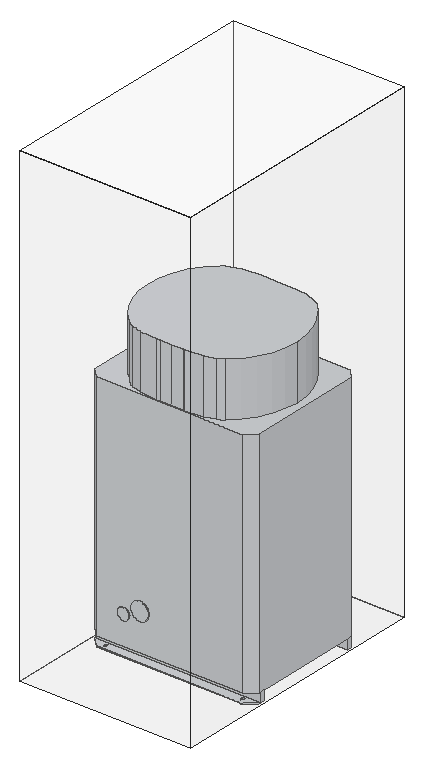
Revit family "pury-p224_1000(s)dmg9_60Hz", category 機械設備, Revit 2019 (continued)
Definition of nested family "筐体モジュール（R2標準）"
  Lines and regions (mm)
    symbolic lines, visible <- "ユニット234X"
      curve 309: arc (64.372, -363.142, 0) -> (71.906, -363.425, 0) -> (79.445, -363.367, 0) r 167.153
      curve 310: arc (79.445, -363.367, 0) -> (128.058, -361, 0) -> (176.163, -353.601, 0) r 468.429
      curve 311: arc (176.163, -353.601, 0) -> (204.68, -346.28, 0) -> (232.369, -336.274, 0) r 308.609
      curve 312: arc (232.369, -336.274, 0) -> (250.84, -327.278, 0) -> (268.081, -316.106, 0) r 168.924
      curve 313: arc (268.081, -316.106, 0) -> (376.101, -174.18, 0) -> (414.476, 0, 0) r 414.476
      curve 314: arc (414.476, 0, 0) -> (376.101, 174.18, 0) -> (268.082, 316.106, 0) r 414.476
      curve 315: arc (268.082, 316.106, 0) -> (250.84, 327.278, 0) -> (232.369, 336.274, 0) r 168.924
      curve 316: arc (232.369, 336.274, 0) -> (204.68, 346.28, 0) -> (176.163, 353.601, 0) r 308.609
      curve 317: arc (176.163, 353.601, 0) -> (128.058, 361, 0) -> (79.445, 363.367, 0) r 468.429
      curve 318: line (79.445, 363.367, 0) -> (0, 363.367, 0)
      curve 319: line (0, 363.367, 0) -> (-79.445, 363.367, 0)
      curve 320: arc (-79.445, 363.367, 0) -> (-128.058, 361, 0) -> (-176.163, 353.601, 0) r 468.429
      curve 321: arc (-176.163, 353.601, 0) -> (-204.68, 346.28, 0) -> (-232.369, 336.274, 0) r 308.609
      curve 322: arc (-232.369, 336.274, 0) -> (-250.974, 327.516, 0) -> (-268.081, 316.106, 0) r 138.853
      curve 323: line (-460, 318.843, 0) -> (-460, -318.843, 0)
      curve 324: line (-408.343, 370, 0) -> (-460, 318.843, 0)
      curve 325: line (408.343, 370, 0) -> (-408.343, 370, 0)
      curve 326: line (460, 318.843, 0) -> (408.343, 370, 0)
      curve 327: line (460, -318.843, 0) -> (460, 318.843, 0)
      curve 328: line (408.343, -370, 0) -> (460, -318.843, 0)
      curve 329: line (-408.343, -370, 0) -> (408.343, -370, 0)
      curve 330: line (-460, -318.843, 0) -> (-408.343, -370, 0)
  Dimensions and locks
    "Depth": plane 4 to plane 6
    equal spacing: plane 4, plane 1 "中心(正面/背面)", plane 6
    "W": plane 7 to plane 5
    equal spacing: plane 7, plane 3 "中心(左/右)", plane 5
    locked: plane 12 "本体下部" to plane 2 at 54
    plane 4 to plane 10 to plane 11 to plane 15 to plane 14 to plane 13 = 57 mm locked, 20 mm locked, 586 mm locked, 20 mm locked, 57 mm locked
    locked: plane 13 to plane 16 at 29.5
    locked: plane 4 to plane 19 at 29.5
    "冷媒液_Z": plane 20 "電源高さ" to level
    plane 9 to plane 8 = 303 mm
    plane 8 to plane 2 = 1347 mm
    "Height": plane 9 to plane 2
    "冷媒管径_Z": level to plane 24 "冷媒管高さ"
    locked: plane 7 to plane 17 at 80
    locked: plane 18 to plane 5 at 80
    locked: plane 12 "本体下部" to plane 25 "冷媒操作弁ガス芯4" at 1
    plane 19 to plane 10 to plane 11 = 27.5 mm, 20 mm
    plane 8 to level = 1347 mm
    equal spacing: plane 26, plane 3 "中心(左/右)", plane 27
    "Width": plane 26 to plane 27
    "冷媒ガス_X": plane 22 "冷媒操作弁液芯1" to plane 23 "冷媒操作弁ガス芯1"
    "冷媒液_X": plane 26 to plane 22 "冷媒操作弁液芯1"
    plane 16 to plane 14 to plane 15 = 27.5 mm, 20 mm
    "冷媒液_Y": plane 4 to plane 29
    "冷媒ガス_Y": plane 4 to plane 28
    "冷媒管径_X": plane 26 to plane 21
    "冷媒ガス_Z": plane 30 to level
    "冷媒管径_Y": plane 4 to plane 31
    "冷媒ガス管径": diameter of Extrusion 9 sketch curve
    "冷媒液管径": diameter of Extrusion 8 sketch curve
    "冷媒管径": diameter of Extrusion 7 sketch curve
    aligned and locked: plane 5 to Extrusion 1
    aligned and locked: Extrusion 1 to plane 7
    aligned and locked: Extrusion 1 to plane 6
    aligned and locked: plane 4 to Extrusion 1
    aligned and locked: curve 103 to plane 7
    aligned and locked: curve 3 to plane 5
    aligned and locked: plane 11 to Extrusion 2 sketch curve
    aligned and locked: plane 7 to Extrusion 2 sketch curve
    aligned and locked: Extrusion 2 sketch curve to plane 10
    aligned and locked: Extrusion 2 sketch curve to plane 5
    aligned and locked: plane 13 to Extrusion 4
    aligned and locked: Extrusion 4 to plane 14
    aligned and locked: Extrusion 1 to plane 12 "本体下部"
    aligned and locked: plane 12 "本体下部" to Extrusion 1  (x2)
    aligned and locked: plane 8 to Extrusion 1
    aligned and locked: Extrusion 4 sketch curve to Extrusion 1  (x2)
    aligned and locked: plane 4 to Extrusion 5
    aligned and locked: plane 10 to Extrusion 2
    aligned and locked: plane 3 "中心(左/右)" to Extrusion 6 sketch curve
    aligned and locked: plane 12 "本体下部" to Extrusion 7
    aligned and locked: Extrusion 8 to plane 25 "冷媒操作弁ガス芯4"
    aligned and locked: plane 12 "本体下部" to Extrusion 8
    aligned and locked: plane 12 "本体下部" to Extrusion 9
    aligned and locked: Extrusion 8 to Extrusion 9
    aligned and locked: Extrusion 8 to Extrusion 7
    aligned and locked: plane 23 "冷媒操作弁ガス芯1" to Extrusion 9 sketch curve
    aligned and locked: plane 21 to Extrusion 7 sketch curve
    aligned and locked: plane 22 "冷媒操作弁液芯1" to Extrusion 8 sketch curve
    aligned and locked: plane 28 to Extrusion 9 sketch curve
    aligned and locked: plane 29 to Extrusion 8 sketch curve
    aligned and locked: plane 31 to Extrusion 7 sketch curve
    aligned and locked: plane 17 to nested 1
    aligned and locked: plane 16 to nested 1
    aligned and locked: nested 1 to plane 18
    aligned and locked: nested 1 to plane 19
    aligned and locked: curve 301 to Extrusion 6
    aligned and locked: curve 302 to Extrusion 6
    aligned and locked: curve 303 to Extrusion 6
    aligned and locked: curve 304 to Extrusion 6
    aligned and locked: curve 305 to Extrusion 6
    aligned and locked: curve 306 to Extrusion 6
    aligned and locked: curve 307 to Extrusion 6
    aligned and locked: curve 308 to Extrusion 6
    aligned and locked: curve 309 to Extrusion 6
    aligned and locked: curve 310 to Extrusion 6
    aligned and locked: curve 311 to Extrusion 6
    aligned and locked: curve 312 to Extrusion 6
    aligned and locked: curve 313 to Extrusion 6
    aligned and locked: curve 314 to Extrusion 6
    aligned and locked: curve 315 to Extrusion 6
    aligned and locked: curve 316 to Extrusion 6
    aligned and locked: curve 317 to Extrusion 6
    aligned and locked: curve 318 to Extrusion 6
    aligned and locked: curve 319 to Extrusion 6
    aligned and locked: curve 320 to Extrusion 6
    aligned and locked: curve 321 to Extrusion 6
    aligned and locked: curve 322 to Extrusion 6
    aligned and locked: curve 323 to Extrusion 1
    aligned and locked: curve 324 to Extrusion 1
    aligned and locked: curve 325 to Extrusion 1
    aligned and locked: curve 326 to Extrusion 1
    aligned and locked: curve 327 to Extrusion 1
    aligned and locked: curve 328 to Extrusion 1
    aligned and locked: curve 329 to Extrusion 1
    aligned and locked: curve 330 to Extrusion 1
    aligned and locked: Masking region 1 sketch curve to curve 324
    aligned and locked: Masking region 1 sketch curve to curve 323
    aligned and locked: Masking region 1 sketch curve to curve 330
    aligned and locked: Masking region 1 sketch curve to curve 329
    aligned and locked: Masking region 1 sketch curve to curve 328
    aligned and locked: Masking region 1 sketch curve to curve 327
    aligned and locked: Masking region 1 sketch curve to curve 326
    aligned and locked: Masking region 1 sketch curve to curve 325
  Automatic sketch dimensions
    Extrusion 1 sketch curve to plane 7 = 0 mm
    plane 6 to Extrusion 1 sketch curve = 0 mm
    plane 4 to Extrusion 1 sketch curve = 0 mm
    Extrusion 1 sketch curve to plane 5 = 0 mm
    plane 10 to Extrusion 1 sketch curve = 5.843 mm  (x2)
    plane 14 to Extrusion 1 sketch curve = 5.843 mm  (x2)
    Extrusion 3 sketch curve to plane 7 = 0 mm
    Extrusion 3 sketch curve to plane 5 = 0 mm
    Extrusion 3 sketch curve to plane 14 = 0 mm
    Extrusion 3 sketch curve to plane 15 = 0 mm
    Extrusion 4 sketch curve to plane 7 = 0 mm
    plane 6 to Extrusion 4 sketch curve = 0 mm
    Extrusion 4 sketch curve to plane 17 = 0 mm
    Extrusion 4 sketch curve to plane 18 = 0 mm
    Extrusion 4 sketch curve to plane 5 = 0 mm
    Extrusion 4 sketch curve to plane 14 = 0 mm
    Extrusion 4 sketch curve to plane 16 = 3 mm  (x2)
    plane 17 to Extrusion 4 sketch curve = 7 mm
    Extrusion 4 sketch curve to plane 18 = 7 mm
    plane 16 to Extrusion 4 sketch curve = 3 mm  (x2)
    Extrusion 5 sketch curve to plane 7 = 0 mm
    plane 4 to Extrusion 5 sketch curve = 0 mm
    Extrusion 5 sketch curve to plane 17 = 0 mm
    Extrusion 5 sketch curve to plane 18 = 0 mm
    Extrusion 5 sketch curve to plane 5 = 0 mm
    plane 10 to Extrusion 5 sketch curve = 0 mm
    plane 19 to Extrusion 5 sketch curve = 3 mm  (x2)
    Extrusion 5 sketch curve to plane 17 = 7 mm
    plane 18 to Extrusion 5 sketch curve = 7 mm
    Extrusion 5 sketch curve to plane 19 = 3 mm  (x2)
    plane 10 to Extrusion 5 sketch curve = 5.843 mm  (x2)
    Extrusion 1 sketch curve to plane 17 = 28.343 mm  (x2)
    Extrusion 5 sketch curve to plane 17 = 28.343 mm
    Extrusion 1 sketch curve to plane 18 = 28.343 mm  (x2)
    Extrusion 5 sketch curve to plane 18 = 28.343 mm
    Extrusion 6 sketch curve to Extrusion 6 sketch curve = 0 mm  (x3)
    plane 1 "中心(正面/背面)" to Extrusion 6 sketch curve = 0 mm  (x2)
    Extrusion 6 sketch curve to plane 3 "中心(左/右)" = 0 mm  (x3)
    Extrusion 6 sketch curve to plane 4 = 6.858 mm
    Extrusion 6 sketch curve to plane 3 "中心(左/右)" = 64.372 mm
    Extrusion 6 sketch curve to plane 3 "中心(左/右)" = 74.399 mm
    plane 6 to Extrusion 6 sketch curve = 6.633 mm
    Extrusion 6 sketch curve to plane 3 "中心(左/右)" = 79.445 mm
    Extrusion 6 sketch curve to plane 3 "中心(左/右)" = 80.998 mm  (x2)
    Extrusion 6 sketch curve to Extrusion 6 sketch curve = 64.372 mm
    plane 3 "中心(左/右)" to Extrusion 6 sketch curve = 74.399 mm
    Extrusion 6 sketch curve to Extrusion 6 sketch curve = 79.445 mm
    plane 3 "中心(左/右)" to Extrusion 6 sketch curve = 80.998 mm  (x2)
    Extrusion 6 sketch curve to Extrusion 6 sketch curve = 32.763 mm  (x4)
    Extrusion 6 sketch curve to Extrusion 6 sketch curve = 86.775 mm
    Extrusion 6 sketch curve to Extrusion 6 sketch curve = 93.374 mm  (x2)
    Extrusion 6 sketch curve to Extrusion 6 sketch curve = 91.232 mm  (x2)
    plane 1 "中心(正面/背面)" to Extrusion 6 sketch curve = 51.367 mm  (x2)
    Extrusion 6 sketch curve to plane 1 "中心(正面/背面)" = 51.367 mm  (x2)
    Extrusion 6 sketch curve to Extrusion 6 sketch curve = 53.692 mm  (x2)
    Extrusion 6 sketch curve to Extrusion 6 sketch curve = 75.129 mm
    Extrusion 6 sketch curve to Extrusion 6 sketch curve = 101.551 mm
    Extrusion 6 sketch curve to plane 4 = 6.633 mm  (x2)
    Extrusion 6 sketch curve to plane 19 = 4.226 mm  (x2)
    Extrusion 6 sketch curve to plane 16 = 4.226 mm  (x2)
    plane 14 to Extrusion 6 sketch curve = 3.106 mm
    plane 16 to Extrusion 6 sketch curve = 13.101 mm  (x2)
    plane 19 to Extrusion 6 sketch curve = 13.101 mm  (x2)
    plane 10 to Extrusion 6 sketch curve = 3.106 mm
    Extrusion 6 sketch curve to Extrusion 6 sketch curve = 101.697 mm
    Extrusion 6 sketch curve to Extrusion 6 sketch curve = 16.103 mm  (x2)
    Extrusion 6 sketch curve to plane 11 = 96.709 mm
    curve 307 to plane 3 "中心(左/右)" = 0 mm
    curve 319 to plane 3 "中心(左/右)" = 0 mm
  Nested families
    nested 1: "固定点" at (-380, -340.5, 0), visible <- "ユニット234X", type "固定点"
      with W 760 mm, D 681 mm
  Definition of nested family "固定点"
    Parameters (values of type "固定点")
      中心円 = 20 mm
      W [instance] = 1000 mm
      D [instance] = 1000 mm
    Reference planes
      plane 1 "中心(正面/背面)": y = 0
      plane 2: z = 0
      plane 3 "中心(左/右)": x = 0
      plane 4: x = 1000
      plane 5: y = 1000
    Lines and regions (mm)
      symbolic lines, detail levels fine
        curve 1: circle (0, 1000, 0) r 10 normal (0, 0, 1)
        curve 2: circle (0, 0, 0) r 10 normal (0, 0, 1)
        curve 3: circle (1000, 1000, 0) r 10 normal (0, 0, 1)
        curve 4: circle (1000, 0, 0) r 10 normal (0, 0, 1)
        curve 5: line (-200, 1000, 0) -> (1200, 1000, 0)
        curve 6: line (-200, 0, 0) -> (1200, 0, 0)
        curve 7: line (0, 1200, 0) -> (0, -200, 0)
        curve 8: line (1000, 1200, 0) -> (1000, -200, 0)
    Dimensions and locks
      "W": plane 3 "中心(左/右)" to plane 4
      "D": plane 1 "中心(正面/背面)" to plane 5
      "中心円": diameter of curve 1
      "中心円": diameter of curve 2
      "中心円": diameter of curve 3
      "中心円": diameter of curve 4
      aligned and locked: level to plane 2
      aligned and locked: plane 5 to curve 1
      aligned and locked: plane 3 "中心(左/右)" to curve 1
      aligned and locked: plane 3 "中心(左/右)" to curve 2
      aligned and locked: plane 1 "中心(正面/背面)" to curve 2
      aligned and locked: plane 4 to curve 3
      aligned and locked: plane 5 to curve 3
      aligned and locked: plane 1 "中心(正面/背面)" to curve 4
      aligned and locked: plane 4 to curve 4
      aligned and locked: plane 1 "中心(正面/背面)" to curve 6
      aligned and locked: curve 7 to plane 3 "中心(左/右)"
      aligned and locked: curve 8 to plane 4
    Automatic sketch dimensions
      curve 5 to plane 5 = 0 mm
      curve 6 to plane 3 "中心(左/右)" = 200 mm
      curve 5 to plane 3 "中心(左/右)" = 200 mm
      curve 4 to curve 6 = 200 mm
      curve 3 to curve 5 = 200 mm
      plane 1 "中心(正面/背面)" to curve 8 = 200 mm
      plane 1 "中心(正面/背面)" to curve 7 = 200 mm
      curve 3 to curve 8 = 200 mm
      curve 1 to curve 7 = 200 mm
Definition of nested family "outline"
  Parameters (values of type "outline_S")
    ユニット4X [instance] = and(ユニット2, Width = 1750 mm)  # no
    ユニット2 [instance] = yes
    Width [instance] = 920 mm
    W = 920 mm
    Height [instance] = 1650 mm
    Depth [instance] = 740 mm
  Types (3, lengths in mm): name | ユニット4X | Width | W
    outline_S | no | 920 | 920
    outline_XL | yes | 1750 | 1750
    outline_L | no | 1220 | 1220
  Reference planes
    plane 1 "中心(正面/背面)": y = 0
    plane 2: z = 0
    plane 3 "中心(左/右)": x = 0
    plane 4: y = -370
    plane 5: y = 370
    plane 6: x = -460
    plane 7: z = 1347
    plane 8: z = 1650
    plane 9 "本体下部": z = 54
    plane 10: y = 370
    plane 11 "電源高さ": z = 262
    plane 12 "冷媒管高さ": z = 262
    plane 13 "冷媒操作弁ガス芯4": z = 53
    plane 14: x = 460
    plane 15: x = -875
    plane 16: x = 875
    plane 17: z = 262
  Forms (mm)
    Extrusion 1, solid, visible <- "ユニット2", detail levels coarse+medium
      sketch origin (0, 0, 0) x (1, 0, 0) y (0, 1, 0)
        loop
          line (-460, 370) -> (-460, -370) -> (460, -370) -> (460, 370) -> (-460, 370)
      from 0 to 1650
  Lines and regions (mm)
    model lines, visible <- "ユニット4X", not visible, detail levels fine
      curve 1: line (460, 178.667, 1289.179) -> (460, 297.73, 1289.179)
      curve 2: line (460, 178.667, 1056.056) -> (460, 178.667, 1289.179)
      curve 3: line (460, 297.73, 1056.056) -> (460, 178.667, 1056.056)
      curve 4: line (460, 297.73, 1289.179) -> (460, 297.73, 1056.056)
      curve 5: line (460, 47.598, 1289.179) -> (460, 166.661, 1289.179)
      curve 6: line (460, 47.598, 1056.056) -> (460, 47.598, 1289.179)
      curve 7: line (460, 166.661, 1056.056) -> (460, 47.598, 1056.056)
      curve 8: line (460, 166.661, 1289.179) -> (460, 166.661, 1056.056)
      curve 9: line (460, -83.471, 1289.179) -> (460, 35.592, 1289.179)
      curve 10: line (460, -83.471, 1056.056) -> (460, -83.471, 1289.179)
      curve 11: line (460, 35.592, 1056.056) -> (460, -83.471, 1056.056)
      curve 12: line (460, 35.592, 1289.179) -> (460, 35.592, 1056.056)
      curve 13: line (460, -150.779, 1289.179) -> (460, -95.75, 1289.179)
      curve 14: line (460, -150.779, 1056.056) -> (460, -150.779, 1289.179)
      curve 15: line (460, -95.75, 1056.056) -> (460, -150.779, 1056.056)
      curve 16: line (460, -95.75, 1289.179) -> (460, -95.75, 1056.056)
      curve 17: line (460, -150.779, 1283.175) -> (460, -132.596, 1283.175)
      curve 18: line (460, -150.779, 1062.059) -> (460, -150.779, 1283.175)
      curve 19: line (460, -132.596, 1062.059) -> (460, -150.779, 1062.059)
      curve 20: line (460, -132.596, 1283.175) -> (460, -132.596, 1062.059)
      curve 21: line (460, 178.667, 1046.051) -> (460, 297.73, 1046.051)
      curve 22: line (460, 178.667, 812.928) -> (460, 178.667, 1046.051)
      curve 23: line (460, 297.73, 812.928) -> (460, 178.667, 812.928)
      curve 24: line (460, 297.73, 1046.051) -> (460, 297.73, 812.928)
      curve 25: line (460, 47.598, 1046.051) -> (460, 166.661, 1046.051)
      curve 26: line (460, 47.598, 812.928) -> (460, 47.598, 1046.051)
      curve 27: line (460, 166.661, 812.928) -> (460, 47.598, 812.928)
      curve 28: line (460, 166.661, 1046.051) -> (460, 166.661, 812.928)
      curve 29: line (460, -83.471, 1046.051) -> (460, 35.592, 1046.051)
      curve 30: line (460, -83.471, 812.928) -> (460, -83.471, 1046.051)
      curve 31: line (460, 35.592, 812.928) -> (460, -83.471, 812.928)
      curve 32: line (460, 35.592, 1046.051) -> (460, 35.592, 812.928)
      curve 33: line (460, -150.779, 1046.051) -> (460, -95.75, 1046.051)
      curve 34: line (460, -150.779, 812.928) -> (460, -150.779, 1046.051)
      curve 35: line (460, -95.75, 812.928) -> (460, -150.779, 812.928)
      curve 36: line (460, -95.75, 1046.051) -> (460, -95.75, 812.928)
      curve 37: line (460, -150.779, 1040.048) -> (460, -132.596, 1040.048)
      curve 38: line (460, -150.779, 818.931) -> (460, -150.779, 1040.048)
      curve 39: line (460, -132.596, 818.931) -> (460, -150.779, 818.931)
      curve 40: line (460, -132.596, 1040.048) -> (460, -132.596, 818.931)
      curve 41: line (460, 178.667, 802.923) -> (460, 297.73, 802.923)
      curve 42: line (460, 178.667, 569.8) -> (460, 178.667, 802.923)
      curve 43: line (460, 297.73, 569.8) -> (460, 178.667, 569.8)
      curve 44: line (460, 297.73, 802.923) -> (460, 297.73, 569.8)
      curve 45: line (460, 47.598, 802.923) -> (460, 166.661, 802.923)
      curve 46: line (460, 47.598, 569.8) -> (460, 47.598, 802.923)
      curve 47: line (460, 166.661, 569.8) -> (460, 47.598, 569.8)
      curve 48: line (460, 166.661, 802.923) -> (460, 166.661, 569.8)
      curve 49: line (460, -83.471, 802.923) -> (460, 35.592, 802.923)
      curve 50: line (460, -83.471, 569.8) -> (460, -83.471, 802.923)
      curve 51: line (460, 35.592, 569.8) -> (460, -83.471, 569.8)
      curve 52: line (460, 35.592, 802.923) -> (460, 35.592, 569.8)
      curve 53: line (460, -150.779, 802.923) -> (460, -95.75, 802.923)
      curve 54: line (460, -150.779, 569.8) -> (460, -150.779, 802.923)
      curve 55: line (460, -95.75, 569.8) -> (460, -150.779, 569.8)
      curve 56: line (460, -95.75, 802.923) -> (460, -95.75, 569.8)
      curve 57: line (460, -150.779, 796.92) -> (460, -132.596, 796.92)
      curve 58: line (460, -150.779, 575.803) -> (460, -150.779, 796.92)
      curve 59: line (460, -132.596, 575.803) -> (460, -150.779, 575.803)
      curve 60: line (460, -132.596, 796.92) -> (460, -132.596, 575.803)
      curve 61: line (460, 178.667, 559.795) -> (460, 297.73, 559.795)
      curve 62: line (460, 178.667, 326.672) -> (460, 178.667, 559.795)
      curve 63: line (460, 297.73, 326.672) -> (460, 178.667, 326.672)
      curve 64: line (460, 297.73, 559.795) -> (460, 297.73, 326.672)
      curve 65: line (460, 47.598, 559.795) -> (460, 166.661, 559.795)
      curve 66: line (460, 47.598, 326.672) -> (460, 47.598, 559.795)
      curve 67: line (460, 166.661, 326.672) -> (460, 47.598, 326.672)
      curve 68: line (460, 166.661, 559.795) -> (460, 166.661, 326.672)
      curve 69: line (460, -83.471, 559.795) -> (460, 35.592, 559.795)
      curve 70: line (460, -83.471, 326.672) -> (460, -83.471, 559.795)
      curve 71: line (460, 35.592, 326.672) -> (460, -83.471, 326.672)
      curve 72: line (460, 35.592, 559.795) -> (460, 35.592, 326.672)
      curve 73: line (460, -150.779, 559.795) -> (460, -95.75, 559.795)
      curve 74: line (460, -150.779, 326.672) -> (460, -150.779, 559.795)
      curve 75: line (460, -95.75, 326.672) -> (460, -150.779, 326.672)
      curve 76: line (460, -95.75, 559.795) -> (460, -95.75, 326.672)
      curve 77: line (460, -150.779, 553.792) -> (460, -132.596, 553.792)
      curve 78: line (460, -150.779, 332.675) -> (460, -150.779, 553.792)
      curve 79: line (460, -132.596, 332.675) -> (460, -150.779, 332.675)
      curve 80: line (460, -132.596, 553.792) -> (460, -132.596, 332.675)
      curve 81: line (460, 178.667, 316.667) -> (460, 297.73, 316.667)
      curve 82: line (460, 178.667, 83.544) -> (460, 178.667, 316.667)
      curve 83: line (460, 297.73, 83.544) -> (460, 178.667, 83.544)
      curve 84: line (460, 297.73, 316.667) -> (460, 297.73, 83.544)
      curve 85: line (460, 47.598, 316.667) -> (460, 166.661, 316.667)
      curve 86: line (460, 47.598, 83.544) -> (460, 47.598, 316.667)
      curve 87: line (460, 166.661, 83.544) -> (460, 47.598, 83.544)
      curve 88: line (460, 166.661, 316.667) -> (460, 166.661, 83.544)
      curve 89: line (460, -83.471, 316.667) -> (460, 35.592, 316.667)
      curve 90: line (460, -83.471, 83.544) -> (460, -83.471, 316.667)
      curve 91: line (460, 35.592, 83.544) -> (460, -83.471, 83.544)
      curve 92: line (460, 35.592, 316.667) -> (460, 35.592, 83.544)
      curve 93: line (460, -150.779, 316.667) -> (460, -95.75, 316.667)
      curve 94: line (460, -150.779, 83.544) -> (460, -150.779, 316.667)
      curve 95: line (460, -95.75, 83.544) -> (460, -150.779, 83.544)
      curve 96: line (460, -95.75, 316.667) -> (460, -95.75, 83.544)
      curve 97: line (460, -150.779, 310.664) -> (460, -132.596, 310.664)
      curve 98: line (460, -150.779, 89.547) -> (460, -150.779, 310.664)
      curve 99: line (460, -132.596, 89.547) -> (460, -150.779, 89.547)
      curve 100: line (460, -132.596, 310.664) -> (460, -132.596, 89.547)
  Dimensions and locks
    "Depth": plane 4 to plane 5
    equal spacing: plane 4, plane 1 "中心(正面/背面)", plane 5
    "W": plane 6 to plane 14
    locked: plane 9 "本体下部" to plane 2 at 54
    plane 4 to plane 10 = 740 mm
    plane 11 "電源高さ" to level = 262 mm
    plane 8 to plane 7 = 303 mm
    plane 7 to plane 2 = 1347 mm
    "Height": plane 8 to plane 2
    level to plane 12 "冷媒管高さ" = 262 mm
    locked: plane 9 "本体下部" to plane 13 "冷媒操作弁ガス芯4" at 1
    equal spacing: plane 6, plane 3 "中心(左/右)", plane 14
    plane 17 to level = 262 mm
  Automatic sketch dimensions
    plane 4 to Extrusion 1 sketch curve = 0 mm
    Extrusion 1 sketch curve to plane 6 = 0 mm
    Extrusion 1 sketch curve to plane 14 = 0 mm
    plane 5 to Extrusion 1 sketch curve = 0 mm
Types (30, lengths in mm): name | 風量（m3／min） | 風量 | 音響パワーレベル(dB) | 電源位置2X（ユニット3） | 電源位置2X（ユニット2） | 電源位置2X（ユニット1） | 電源位置1X（ユニット3） | 電源位置1X（ユニット2） | 電源位置1X（ユニット1） | 電動機出力_送風機 | 電動機出力_圧縮機 | 質量 | 製品質量 | 消費電力_暖房 | 消費電力_冷房 | 消費電力 | 最小電線太さ_mm2 | 最大電流値 | 暖房能力 | 推奨ブレーカー容量 | 冷房能力 | 冷媒管（液）位置1 (ユニット3） | 冷媒管（ガス）位置2 (ユニット3) | 冷媒管（ガス）位置2 (ユニット2) | 冷媒管（液）位置1 (ユニット1) | 冷媒管（ガス）位置2 (ユニット1) | 冷媒管（液）位置1 (ユニット2） | 冷媒管径符号 | 冷媒管位置2 (ユニット3) | 冷媒管位置2 (ユニット2) | 冷媒管位置1 (ユニット2) | 冷媒管位置2 (ユニット1) | 冷媒管位置1 (ユニット3) | 冷媒管位置1 (ユニット1) | 冷媒液管径3 | 冷媒液管径2 | 冷媒液管径 | 冷媒ガス管径3 | 冷媒ガス管径2 | 冷媒ガス管径 | ユニット隙間 | ユニット数 | ユニットタイプ3 | ユニットタイプ2 | ユニットタイプ1 | ユニット2 | モデル | サービススペース_タイプA | アンカーボルト位置X（ユニット3） | アンカーボルト位置X（ユニット2） | アンカーボルト位置X（ユニット1） | Width3 | Width2 | Width1 | Width | URL | OUTLINE2 | OUTLINE1 | MAX風量 | Clearance Right | Clearance Left | Clearance Back
  PURY-P224DMG9_タイプA | 185 | 11100.0 m³/h | 81.5 | 177 | 177 | 177 | 201 | 201 | 201 | 0.92 kW | 4.71 kW | 242.40 kg | 202.00 kg | 6.51 kW | 6.49 kW | 6.51 kW | 8 | 28.4 A | 25 kW | 40 A | 22.4 kW | 251 | 146 | 146 | 251 | 146 | 251 | "De" | 146 | 146 | 292.5 | 146 | 292.5 | 292.5 | 15.88 | 15.88 | 15.88 | 19.05 | 19.05 | 19.05 | 30 | 1 | 筐体モジュール（R2標準） : 224筐体 | 筐体モジュール（R2標準） : 224筐体 | 筐体モジュール（R2標準） : 224筐体 | no | "PURY-P224DMG9" | yes | 760 | 760 | 760 | 920 | 920 | 920 | 920 | "https://www.mitsubishielectric.co.jp/ldg/wink/ssl/displayProduct.do?pid=332014" | outline : outline_S | outline : outline_S | 11100.0 m³/h | 15 | 15 | 300
  PURY-P280DMG9_タイプA | 185 | 11100.0 m³/h | 81.5 | 177 | 177 | 177 | 201 | 201 | 201 | 0.92 kW | 7.29 kW | 242.40 kg | 202.00 kg | 9.26 kW | 9.65 kW | 9.65 kW | 14 | 42.3 A | 31.5 kW | 50 A | 28 kW | 251 | 146 | 146 | 251 | 146 | 251 | "Ef" | 146 | 146 | 292.5 | 146 | 292.5 | 292.5 | 19.05 | 19.05 | 19.05 | 22.20 | 22.20 | 22.20 | 30 | 1 | 筐体モジュール（R2標準） : 280筐体 | 筐体モジュール（R2標準） : 280筐体 | 筐体モジュール（R2標準） : 280筐体 | no | "PURY-P280DMG9" | yes | 760 | 760 | 760 | 920 | 920 | 920 | 920 | "https://www.mitsubishielectric.co.jp/ldg/wink/ssl/displayProduct.do?pid=332019" | outline : outline_S | outline : outline_S | 11100.0 m³/h | 15 | 15 | 300
  PURY-P335DMG9_タイプA | 230 | 13800.0 m³/h | 85 | 227 | 227 | 227 | 251 | 251 | 251 | 0.92 kW | 8.86 kW | 300.00 kg | 250.00 kg | 10.5 kW | 11.3 kW | 11.3 kW | 22 | 49.7 A | 37.5 kW | 60 A | 33.5 kW | 301 | 146 | 146 | 301 | 146 | 301 | "Ef" | 146 | 146 | 342.5 | 146 | 342.5 | 342.5 | 19.05 | 19.05 | 19.05 | 22.20 | 22.20 | 22.20 | 30 | 1 | 筐体モジュール（R2標準） : 335筐体 | 筐体モジュール（R2標準） : 335筐体 | 筐体モジュール（R2標準） : 335筐体 | no | "PURY-P335DMG9" | yes | 1060 | 1060 | 1060 | 1220 | 1220 | 1220 | 1220 | "https://www.mitsubishielectric.co.jp/ldg/wink/ssl/displayProduct.do?pid=332022" | outline : outline_L | outline : outline_L | 13800.0 m³/h | 15 | 15 | 300
  PURY-P400DMG9_タイプA | 230 | 13800.0 m³/h | 85.5 | 227 | 227 | 227 | 251 | 251 | 251 | 0.92 kW | 11.5 kW | 300.00 kg | 250.00 kg | 12.8 kW | 14.4 kW | 14.4 kW | 22 | 59.5 A | 45 kW | 60 A | 40 kW | 301 | 146 | 146 | 301 | 146 | 301 | "Eg" | 146 | 146 | 342.5 | 146 | 342.5 | 342.5 | 19.05 | 19.05 | 19.05 | 25.40 | 25.40 | 25.40 | 30 | 1 | 筐体モジュール（R2標準） : 400筐体 | 筐体モジュール（R2標準） : 400筐体 | 筐体モジュール（R2標準） : 400筐体 | no | "PURY-P400DMG9" | yes | 1060 | 1060 | 1060 | 1220 | 1220 | 1220 | 1220 | "https://www.mitsubishielectric.co.jp/ldg/wink/ssl/displayProduct.do?pid=332025" | outline : outline_L | outline : outline_L | 13800.0 m³/h | 15 | 15 | 300
  PURY-P450DMG9_タイプA | 320 | 19200.0 m³/h | 85.5 | 516 | 516 | 516 | 541 | 541 | 541 | 1.84 kW | 11.8 kW | 386.40 kg | 322.00 kg | 14.1 kW | 15.8 kW | 15.8 kW | 38 | 69.3 A | 50 kW | 75 A | 45 kW | 590 | 145 | 145 | 590 | 145 | 590 | "Fh" | 145.5 | 145.5 | 631.5 | 145.5 | 631.5 | 631.5 | 22.20 | 22.20 | 22.20 | 28.58 | 28.58 | 28.58 | 30 | 1 | 筐体モジュール.（R2標準） : 450筐体 | 筐体モジュール.（R2標準） : 450筐体 | 筐体モジュール.（R2標準） : 450筐体 | no | "PURY-P450DMG9" | yes | 795 | 795 | 795 | 1750 | 1750 | 1750 | 1750 | "https://www.mitsubishielectric.co.jp/ldg/wink/ssl/displayProduct.do?pid=332028" | outline : outline_XL | outline : outline_XL | 19200.0 m³/h | 15 | 15 | 300
  PURY-P500DMG9_タイプA | 320 | 19200.0 m³/h | 85.5 | 516 | 516 | 516 | 541 | 541 | 541 | 1.84 kW | 15.1 kW | 392.40 kg | 327.00 kg | 17.5 kW | 19.6 kW | 19.6 kW | 38 | 73.7 A | 56 kW | 75 A | 50 kW | 590 | 145 | 145 | 590 | 145 | 590 | "Fh" | 145.5 | 145.5 | 631.5 | 145.5 | 631.5 | 631.5 | 22.20 | 22.20 | 22.20 | 28.58 | 28.58 | 28.58 | 30 | 1 | 筐体モジュール.（R2標準） : 500筐体 | 筐体モジュール.（R2標準） : 500筐体 | 筐体モジュール.（R2標準） : 500筐体 | no | "PURY-P500DMG9" | yes | 795 | 795 | 795 | 1750 | 1750 | 1750 | 1750 | "https://www.mitsubishielectric.co.jp/ldg/wink/ssl/displayProduct.do?pid=332031" | outline : outline_XL | outline : outline_XL | 19200.0 m³/h | 15 | 15 | 300
  PURY-P560SDMG9_タイプA | 370 | 22200.0 m³/h | 84.5 | 177 | 177 | 177 | 201 | 201 | 201 | 1.84 kW | 14.58 kW | 499.20 kg | 416.00 kg | 18.5 kW | 19.9 kW | 19.9 kW | 38 | 81.8 A | 63 kW | 100 A | 56 kW | 251 | 146 | 146 | 251 | 83 | 251 | "Fh" | 146 | 146 | 292.5 | 146 | 292.5 | 292.5 | 19.05 | 19.05 | 19.05 | 22.20 | 22.20 | 22.20 | 30 | 2 | 筐体モジュール.（R2標準） : 500筐体 | 筐体モジュール（R2標準） : 280筐体 | 筐体モジュール（R2標準） : 280筐体 | yes | "PURY-P560SDMG9" | yes | 760 | 760 | 760 | 920 | 920 | 920 | 1870 | "https://www.mitsubishielectric.co.jp/ldg/wink/ssl/displayProduct.do?pid=332034" | outline : outline_S | outline : outline_S | 22200.0 m³/h | 15 | 15 | 300
  PURY-P630SDMG9_タイプA | 415 | 24900.0 m³/h | 86.5 | 227 | 177 | 227 | 251 | 201 | 251 | 1.84 kW | 16.15 kW | 549.60 kg | 458.00 kg | 19.8 kW | 22.2 kW | 22.2 kW | 38 | 83.8 A | 69 kW | 100 A | 63 kW | 301 | 146 | 146 | 301 | 83 | 251 | "Gh" | 146 | 146 | 292.5 | 146 | 342.5 | 342.5 | 19.05 | 19.05 | 19.05 | 22.20 | 22.20 | 22.20 | 30 | 2 | 筐体モジュール.（R2標準） : 500筐体 | 筐体モジュール（R2標準） : 280筐体 | 筐体モジュール（R2標準） : 335筐体 | yes | "PURY-P630SDMG9" | yes | 1060 | 1060 | 760 | 1220 | 920 | 1220 | 2170 | "https://www.mitsubishielectric.co.jp/ldg/wink/ssl/displayProduct.do?pid=332037" | outline : outline_S | outline : outline_L | 24900.0 m³/h | 15 | 15 | 300
  PURY-P670SDMG9_タイプA | 460 | 27600.0 m³/h | 88 | 227 | 227 | 227 | 251 | 251 | 251 | 1.84 kW | 17.72 kW | 600.00 kg | 500.00 kg | 21.6 kW | 23.4 kW | 23.4 kW | 60 | 95.3 A | 77.5 kW | 100 A | 67 kW | 301 | 146 | 146 | 301 | 83 | 301 | "Gh" | 146 | 146 | 342.5 | 146 | 342.5 | 342.5 | 19.05 | 19.05 | 19.05 | 22.20 | 22.20 | 22.20 | 30 | 2 | 筐体モジュール.（R2標準） : 500筐体 | 筐体モジュール（R2標準） : 335筐体 | 筐体モジュール（R2標準） : 335筐体 | yes | "PURY-P670SDMG9" | yes | 1060 | 1060 | 1060 | 1220 | 1220 | 1220 | 2470 | "https://www.mitsubishielectric.co.jp/ldg/wink/ssl/displayProduct.do?pid=332017" | outline : outline_L | outline : outline_L | 27600.0 m³/h | 15 | 15 | 300
  PURY-P730SDMG9_タイプA | 460 | 27600.0 m³/h | 88.5 | 227 | 227 | 227 | 251 | 251 | 251 | 1.84 kW | 20.36 kW | 600.00 kg | 500.00 kg | 23.3 kW | 26.3 kW | 26.3 kW | 60 | 99.5 A | 82.5 kW | 100 A | 73 kW | 301 | 146 | 146 | 301 | 83 | 301 | "Gh" | 146 | 146 | 342.5 | 146 | 342.5 | 342.5 | 19.05 | 19.05 | 19.05 | 25.40 | 22.20 | 25.40 | 30 | 2 | 筐体モジュール.（R2標準） : 500筐体 | 筐体モジュール（R2標準） : 335筐体 | 筐体モジュール（R2標準） : 400筐体 | yes | "PURY-P730SDMG9" | yes | 1060 | 1060 | 1060 | 1220 | 1220 | 1220 | 2470 | "https://www.mitsubishielectric.co.jp/ldg/wink/ssl/displayProduct.do?pid=332039" | outline : outline_L | outline : outline_L | 27600.0 m³/h | 15 | 15 | 300
  PURY-P775SDMG9_タイプA | 460 | 27600.0 m³/h | 88.5 | 227 | 227 | 227 | 251 | 251 | 251 | 1.84 kW | 23 kW | 600.00 kg | 500.00 kg | 25.6 kW | 28.9 kW | 28.9 kW | 60 | 113.9 A | 90 kW | 125 A | 77.5 kW | 301 | 146 | 146 | 301 | 83 | 301 | "Hi" | 146 | 146 | 342.5 | 146 | 342.5 | 342.5 | 19.05 | 19.05 | 19.05 | 25.40 | 25.40 | 25.40 | 30 | 2 | 筐体モジュール.（R2標準） : 500筐体 | 筐体モジュール（R2標準） : 400筐体 | 筐体モジュール（R2標準） : 400筐体 | yes | "PURY-P775SDMG9" | yes | 1060 | 1060 | 1060 | 1220 | 1220 | 1220 | 2470 | "https://www.mitsubishielectric.co.jp/ldg/wink/ssl/displayProduct.do?pid=332042" | outline : outline_L | outline : outline_L | 27600.0 m³/h | 15 | 15 | 300
  PURY-P850SDMG9_タイプA | 550 | 33000.0 m³/h | 88.5 | 516 | 227 | 516 | 541 | 251 | 541 | 2.76 kW | 23.3 kW | 686.40 kg | 572.00 kg | 26.9 kW | 31.2 kW | 31.2 kW | 60 | 113 A | 95 kW | 125 A | 85 kW | 590 | 145 | 145 | 590 | 83 | 301 | "Hi" | 145.5 | 145.5 | 342.5 | 145.5 | 631.5 | 631.5 | 22.20 | 19.05 | 22.20 | 28.58 | 25.40 | 28.58 | 30 | 2 | 筐体モジュール.（R2標準） : 500筐体 | 筐体モジュール（R2標準） : 400筐体 | 筐体モジュール.（R2標準） : 450筐体 | yes | "PURY-P850SDMG9" | yes | 795 | 795 | 1060 | 1750 | 1220 | 1750 | 3000 | "https://www.mitsubishielectric.co.jp/ldg/wink/ssl/displayProduct.do?pid=332045" | outline : outline_L | outline : outline_XL | 33000.0 m³/h | 15 | 15 | 300
  PURY-P900SDMG9_タイプA | 640 | 38400.0 m³/h | 88.5 | 516 | 516 | 516 | 541 | 541 | 541 | 3.68 kW | 23.6 kW | 772.80 kg | 644.00 kg | 28.1 kW | 32.7 kW | 32.7 kW | 100 | 138.9 A | 100 kW | 150 A | 90 kW | 590 | 145 | 145 | 590 | 83 | 590 | "Hi" | 145.5 | 145.5 | 631.5 | 145.5 | 631.5 | 631.5 | 22.20 | 22.20 | 22.20 | 28.58 | 28.58 | 28.58 | 30 | 2 | 筐体モジュール.（R2標準） : 500筐体 | 筐体モジュール.（R2標準） : 450筐体 | 筐体モジュール.（R2標準） : 450筐体 | yes | "PURY-P900SDMG9" | yes | 795 | 795 | 795 | 1750 | 1750 | 1750 | 3530 | "https://www.mitsubishielectric.co.jp/ldg/wink/ssl/displayProduct.do?pid=332048" | outline : outline_XL | outline : outline_XL | 38400.0 m³/h | 15 | 15 | 300
  PURY-P950SDMG9_タイプA | 640 | 38400.0 m³/h | 88.5 | 516 | 516 | 516 | 541 | 541 | 541 | 3.68 kW | 26.9 kW | 778.80 kg | 649.00 kg | 31.4 kW | 36.3 kW | 36.3 kW | 100 | 147.3 A | 106 kW | 150 A | 95 kW | 590 | 145 | 145 | 590 | 83 | 590 | "Hk" | 145.5 | 145.5 | 631.5 | 145.5 | 631.5 | 631.5 | 22.20 | 22.20 | 22.20 | 28.58 | 28.58 | 28.58 | 30 | 2 | 筐体モジュール.（R2標準） : 500筐体 | 筐体モジュール.（R2標準） : 450筐体 | 筐体モジュール.（R2標準） : 500筐体 | yes | "PURY-P950SDMG9" | yes | 795 | 795 | 795 | 1750 | 1750 | 1750 | 3530 | "https://www.mitsubishielectric.co.jp/ldg/wink/ssl/displayProduct.do?pid=332051" | outline : outline_XL | outline : outline_XL | 38400.0 m³/h | 15 | 15 | 300
  PURY-P1000SDMG9_タイプA | 640 | 38400.0 m³/h | 88.5 | 516 | 516 | 516 | 541 | 541 | 541 | 3.68 kW | 30.2 kW | 784.80 kg | 654.00 kg | 34.9 kW | 40.4 kW | 40.4 kW | 100 | 147.4 A | 112 kW | 150 A | 100 kW | 590 | 145 | 145 | 590 | 83 | 590 | "Hk" | 145.5 | 145.5 | 631.5 | 145.5 | 631.5 | 631.5 | 22.20 | 22.20 | 22.20 | 28.58 | 28.58 | 28.58 | 30 | 2 | 筐体モジュール.（R2標準） : 500筐体 | 筐体モジュール.（R2標準） : 500筐体 | 筐体モジュール.（R2標準） : 500筐体 | yes | "PURY-P1000SDMG9" | yes | 795 | 795 | 795 | 1750 | 1750 | 1750 | 3530 | "https://www.mitsubishielectric.co.jp/ldg/wink/ssl/displayProduct.do?pid=332054" | outline : outline_XL | outline : outline_XL | 38400.0 m³/h | 15 | 15 | 300
  PURY-P1000SDMG9_タイプB | 640 | 38400.0 m³/h | 88.5 | 516 | 516 | 516 | 541 | 541 | 541 | 3.68 kW | 30.2 kW | 784.80 kg | 654.00 kg | 34.9 kW | 40.4 kW | 40.4 kW | 100 | 147.4 A | 112 kW | 150 A | 100 kW | 590 | 145 | 145 | 590 | 83 | 590 | "Hk" | 145.5 | 145.5 | 631.5 | 145.5 | 631.5 | 631.5 | 22.20 | 22.20 | 22.20 | 28.58 | 28.58 | 28.58 | 100 | 2 | 筐体モジュール.（R2標準） : 500筐体 | 筐体モジュール.（R2標準） : 500筐体 | 筐体モジュール.（R2標準） : 500筐体 | yes | "PURY-P1000SDMG9" | no | 795 | 795 | 795 | 1750 | 1750 | 1750 | 3600 | "https://www.mitsubishielectric.co.jp/ldg/wink/ssl/displayProduct.do?pid=332054" | outline : outline_XL | outline : outline_XL | 38400.0 m³/h | 50 | 50 | 100
  PURY-P224DMG9_タイプB | 185 | 11100.0 m³/h | 81.5 | 177 | 177 | 177 | 201 | 201 | 201 | 0.92 kW | 4.71 kW | 242.40 kg | 202.00 kg | 6.51 kW | 6.49 kW | 6.51 kW | 8 | 28.4 A | 25 kW | 40 A | 22.4 kW | 251 | 146 | 146 | 251 | 146 | 251 | "De" | 146 | 146 | 292.5 | 146 | 292.5 | 292.5 | 15.88 | 15.88 | 15.88 | 19.05 | 19.05 | 19.05 | 100 | 1 | 筐体モジュール（R2標準） : 224筐体 | 筐体モジュール（R2標準） : 224筐体 | 筐体モジュール（R2標準） : 224筐体 | no | "PURY-P224DMG9" | no | 760 | 760 | 760 | 920 | 920 | 920 | 920 | "https://www.mitsubishielectric.co.jp/ldg/wink/ssl/displayProduct.do?pid=332014" | outline : outline_S | outline : outline_S | 11100.0 m³/h | 50 | 50 | 100
  PURY-P280DMG9_タイプB | 185 | 11100.0 m³/h | 81.5 | 177 | 177 | 177 | 201 | 201 | 201 | 0.92 kW | 7.29 kW | 242.40 kg | 202.00 kg | 9.26 kW | 9.65 kW | 9.65 kW | 14 | 42.3 A | 31.5 kW | 50 A | 28 kW | 251 | 146 | 146 | 251 | 146 | 251 | "Ef" | 146 | 146 | 292.5 | 146 | 292.5 | 292.5 | 19.05 | 19.05 | 19.05 | 22.20 | 22.20 | 22.20 | 100 | 1 | 筐体モジュール（R2標準） : 280筐体 | 筐体モジュール（R2標準） : 280筐体 | 筐体モジュール（R2標準） : 280筐体 | no | "PURY-P280DMG9" | no | 760 | 760 | 760 | 920 | 920 | 920 | 920 | "https://www.mitsubishielectric.co.jp/ldg/wink/ssl/displayProduct.do?pid=332019" | outline : outline_S | outline : outline_S | 11100.0 m³/h | 50 | 50 | 100
  PURY-P335DMG9_タイプB | 230 | 13800.0 m³/h | 85 | 227 | 227 | 227 | 251 | 251 | 251 | 0.92 kW | 8.86 kW | 300.00 kg | 250.00 kg | 10.5 kW | 11.3 kW | 11.3 kW | 22 | 49.7 A | 37.5 kW | 60 A | 33.5 kW | 301 | 146 | 146 | 301 | 146 | 301 | "Ef" | 146 | 146 | 342.5 | 146 | 342.5 | 342.5 | 19.05 | 19.05 | 19.05 | 22.20 | 22.20 | 22.20 | 100 | 1 | 筐体モジュール（R2標準） : 335筐体 | 筐体モジュール（R2標準） : 335筐体 | 筐体モジュール（R2標準） : 335筐体 | no | "PURY-P335DMG9" | no | 1060 | 1060 | 1060 | 1220 | 1220 | 1220 | 1220 | "https://www.mitsubishielectric.co.jp/ldg/wink/ssl/displayProduct.do?pid=332022" | outline : outline_L | outline : outline_L | 13800.0 m³/h | 50 | 50 | 100
  PURY-P400DMG9_タイプB | 230 | 13800.0 m³/h | 85.5 | 227 | 227 | 227 | 251 | 251 | 251 | 0.92 kW | 11.5 kW | 300.00 kg | 250.00 kg | 12.8 kW | 14.4 kW | 14.4 kW | 22 | 59.5 A | 45 kW | 60 A | 40 kW | 301 | 146 | 146 | 301 | 146 | 301 | "Eg" | 146 | 146 | 342.5 | 146 | 342.5 | 342.5 | 19.05 | 19.05 | 19.05 | 25.40 | 25.40 | 25.40 | 100 | 1 | 筐体モジュール（R2標準） : 400筐体 | 筐体モジュール（R2標準） : 400筐体 | 筐体モジュール（R2標準） : 400筐体 | no | "PURY-P400DMG9" | no | 1060 | 1060 | 1060 | 1220 | 1220 | 1220 | 1220 | "https://www.mitsubishielectric.co.jp/ldg/wink/ssl/displayProduct.do?pid=332025" | outline : outline_L | outline : outline_L | 13800.0 m³/h | 50 | 50 | 100
  PURY-P450DMG9_タイプB | 320 | 19200.0 m³/h | 85.5 | 516 | 516 | 516 | 541 | 541 | 541 | 1.84 kW | 11.8 kW | 386.40 kg | 322.00 kg | 14.1 kW | 15.8 kW | 15.8 kW | 38 | 69.3 A | 50 kW | 75 A | 45 kW | 590 | 145 | 145 | 590 | 145 | 590 | "Fh" | 145.5 | 145.5 | 631.5 | 145.5 | 631.5 | 631.5 | 22.20 | 22.20 | 22.20 | 28.58 | 28.58 | 28.58 | 100 | 1 | 筐体モジュール.（R2標準） : 450筐体 | 筐体モジュール.（R2標準） : 450筐体 | 筐体モジュール.（R2標準） : 450筐体 | no | "PURY-P450DMG9" | no | 795 | 795 | 795 | 1750 | 1750 | 1750 | 1750 | "https://www.mitsubishielectric.co.jp/ldg/wink/ssl/displayProduct.do?pid=332028" | outline : outline_XL | outline : outline_XL | 19200.0 m³/h | 50 | 50 | 100
  PURY-P500DMG9_タイプB | 320 | 19200.0 m³/h | 85.5 | 516 | 516 | 516 | 541 | 541 | 541 | 1.84 kW | 15.1 kW | 392.40 kg | 327.00 kg | 17.5 kW | 19.6 kW | 19.6 kW | 38 | 73.7 A | 56 kW | 75 A | 50 kW | 590 | 145 | 145 | 590 | 145 | 590 | "Fh" | 145.5 | 145.5 | 631.5 | 145.5 | 631.5 | 631.5 | 22.20 | 22.20 | 22.20 | 28.58 | 28.58 | 28.58 | 100 | 1 | 筐体モジュール.（R2標準） : 500筐体 | 筐体モジュール.（R2標準） : 500筐体 | 筐体モジュール.（R2標準） : 500筐体 | no | "PURY-P500DMG9" | no | 795 | 795 | 795 | 1750 | 1750 | 1750 | 1750 | "https://www.mitsubishielectric.co.jp/ldg/wink/ssl/displayProduct.do?pid=332031" | outline : outline_XL | outline : outline_XL | 19200.0 m³/h | 50 | 50 | 100
  PURY-P560SDMG9_タイプB | 370 | 22200.0 m³/h | 84.5 | 177 | 177 | 177 | 201 | 201 | 201 | 1.84 kW | 14.58 kW | 499.20 kg | 416.00 kg | 18.5 kW | 19.9 kW | 19.9 kW | 38 | 81.8 A | 63 kW | 100 A | 56 kW | 251 | 146 | 146 | 251 | 83 | 251 | "Fh" | 146 | 146 | 292.5 | 146 | 292.5 | 292.5 | 19.05 | 19.05 | 19.05 | 22.20 | 22.20 | 22.20 | 100 | 2 | 筐体モジュール.（R2標準） : 500筐体 | 筐体モジュール（R2標準） : 280筐体 | 筐体モジュール（R2標準） : 280筐体 | yes | "PURY-P560SDMG9" | no | 760 | 760 | 760 | 920 | 920 | 920 | 1940 | "https://www.mitsubishielectric.co.jp/ldg/wink/ssl/displayProduct.do?pid=332034" | outline : outline_S | outline : outline_S | 22200.0 m³/h | 50 | 50 | 100
  PURY-P630SDMG9_タイプB | 415 | 24900.0 m³/h | 86.5 | 227 | 177 | 227 | 251 | 201 | 251 | 1.84 kW | 16.15 kW | 549.60 kg | 458.00 kg | 19.8 kW | 22.2 kW | 22.2 kW | 38 | 83.8 A | 69 kW | 100 A | 63 kW | 301 | 146 | 146 | 301 | 83 | 251 | "Gh" | 146 | 146 | 292.5 | 146 | 342.5 | 342.5 | 19.05 | 19.05 | 19.05 | 22.20 | 22.20 | 22.20 | 100 | 2 | 筐体モジュール.（R2標準） : 500筐体 | 筐体モジュール（R2標準） : 280筐体 | 筐体モジュール（R2標準） : 335筐体 | yes | "PURY-P630SDMG9" | no | 1060 | 1060 | 760 | 1220 | 920 | 1220 | 2240 | "https://www.mitsubishielectric.co.jp/ldg/wink/ssl/displayProduct.do?pid=332037" | outline : outline_S | outline : outline_L | 24900.0 m³/h | 50 | 50 | 100
  PURY-P670SDMG9_タイプB | 460 | 27600.0 m³/h | 88 | 227 | 227 | 227 | 251 | 251 | 251 | 1.84 kW | 17.72 kW | 600.00 kg | 500.00 kg | 21.6 kW | 23.4 kW | 23.4 kW | 60 | 95.3 A | 77.5 kW | 100 A | 67 kW | 301 | 146 | 146 | 301 | 83 | 301 | "Gh" | 146 | 146 | 342.5 | 146 | 342.5 | 342.5 | 19.05 | 19.05 | 19.05 | 22.20 | 22.20 | 22.20 | 100 | 2 | 筐体モジュール.（R2標準） : 500筐体 | 筐体モジュール（R2標準） : 335筐体 | 筐体モジュール（R2標準） : 335筐体 | yes | "PURY-P670SDMG9" | no | 1060 | 1060 | 1060 | 1220 | 1220 | 1220 | 2540 | "https://www.mitsubishielectric.co.jp/ldg/wink/ssl/displayProduct.do?pid=332017" | outline : outline_L | outline : outline_L | 27600.0 m³/h | 50 | 50 | 100
  PURY-P730SDMG9_タイプB | 460 | 27600.0 m³/h | 88.5 | 227 | 227 | 227 | 251 | 251 | 251 | 1.84 kW | 20.36 kW | 600.00 kg | 500.00 kg | 23.3 kW | 26.3 kW | 26.3 kW | 60 | 99.5 A | 82.5 kW | 100 A | 73 kW | 301 | 146 | 146 | 301 | 83 | 301 | "Gh" | 146 | 146 | 342.5 | 146 | 342.5 | 342.5 | 19.05 | 19.05 | 19.05 | 25.40 | 22.20 | 25.40 | 100 | 2 | 筐体モジュール.（R2標準） : 500筐体 | 筐体モジュール（R2標準） : 335筐体 | 筐体モジュール（R2標準） : 400筐体 | yes | "PURY-P730SDMG9" | no | 1060 | 1060 | 1060 | 1220 | 1220 | 1220 | 2540 | "https://www.mitsubishielectric.co.jp/ldg/wink/ssl/displayProduct.do?pid=332039" | outline : outline_L | outline : outline_L | 27600.0 m³/h | 50 | 50 | 100
  PURY-P775SDMG9_タイプB | 460 | 27600.0 m³/h | 88.5 | 227 | 227 | 227 | 251 | 251 | 251 | 1.84 kW | 23 kW | 600.00 kg | 500.00 kg | 25.6 kW | 28.9 kW | 28.9 kW | 60 | 113.9 A | 90 kW | 125 A | 77.5 kW | 301 | 146 | 146 | 301 | 83 | 301 | "Hi" | 146 | 146 | 342.5 | 146 | 342.5 | 342.5 | 19.05 | 19.05 | 19.05 | 25.40 | 25.40 | 25.40 | 100 | 2 | 筐体モジュール.（R2標準） : 500筐体 | 筐体モジュール（R2標準） : 400筐体 | 筐体モジュール（R2標準） : 400筐体 | yes | "PURY-P775SDMG9" | no | 1060 | 1060 | 1060 | 1220 | 1220 | 1220 | 2540 | "https://www.mitsubishielectric.co.jp/ldg/wink/ssl/displayProduct.do?pid=332042" | outline : outline_L | outline : outline_L | 27600.0 m³/h | 50 | 50 | 100
  PURY-P850SDMG9_タイプB | 550 | 33000.0 m³/h | 88.5 | 516 | 227 | 516 | 541 | 251 | 541 | 2.76 kW | 23.3 kW | 686.40 kg | 572.00 kg | 26.9 kW | 31.2 kW | 31.2 kW | 60 | 113 A | 95 kW | 125 A | 85 kW | 590 | 145 | 145 | 590 | 83 | 301 | "Hi" | 145.5 | 145.5 | 342.5 | 145.5 | 631.5 | 631.5 | 22.20 | 19.05 | 22.20 | 28.58 | 25.40 | 28.58 | 100 | 2 | 筐体モジュール.（R2標準） : 500筐体 | 筐体モジュール（R2標準） : 400筐体 | 筐体モジュール.（R2標準） : 450筐体 | yes | "PURY-P850SDMG9" | no | 795 | 795 | 1060 | 1750 | 1220 | 1750 | 3070 | "https://www.mitsubishielectric.co.jp/ldg/wink/ssl/displayProduct.do?pid=332045" | outline : outline_L | outline : outline_XL | 33000.0 m³/h | 50 | 50 | 100
  PURY-P900SDMG9_タイプB | 640 | 38400.0 m³/h | 88.5 | 516 | 516 | 516 | 541 | 541 | 541 | 3.68 kW | 23.6 kW | 772.80 kg | 644.00 kg | 28.1 kW | 32.7 kW | 32.7 kW | 100 | 138.9 A | 100 kW | 150 A | 90 kW | 590 | 145 | 145 | 590 | 83 | 590 | "Hi" | 145.5 | 145.5 | 631.5 | 145.5 | 631.5 | 631.5 | 22.20 | 22.20 | 22.20 | 28.58 | 28.58 | 28.58 | 100 | 2 | 筐体モジュール.（R2標準） : 500筐体 | 筐体モジュール.（R2標準） : 450筐体 | 筐体モジュール.（R2標準） : 450筐体 | yes | "PURY-P900SDMG9" | no | 795 | 795 | 795 | 1750 | 1750 | 1750 | 3600 | "https://www.mitsubishielectric.co.jp/ldg/wink/ssl/displayProduct.do?pid=332048" | outline : outline_XL | outline : outline_XL | 38400.0 m³/h | 50 | 50 | 100
  PURY-P950SDMG9_タイプB | 640 | 38400.0 m³/h | 88.5 | 516 | 516 | 516 | 541 | 541 | 541 | 3.68 kW | 26.9 kW | 778.80 kg | 649.00 kg | 31.4 kW | 36.3 kW | 36.3 kW | 100 | 147.3 A | 106 kW | 150 A | 95 kW | 590 | 145 | 145 | 590 | 83 | 590 | "Hk" | 145.5 | 145.5 | 631.5 | 145.5 | 631.5 | 631.5 | 22.20 | 22.20 | 22.20 | 28.58 | 28.58 | 28.58 | 100 | 2 | 筐体モジュール.（R2標準） : 500筐体 | 筐体モジュール.（R2標準） : 450筐体 | 筐体モジュール.（R2標準） : 500筐体 | yes | "PURY-P950SDMG9" | no | 795 | 795 | 795 | 1750 | 1750 | 1750 | 3600 | "https://www.mitsubishielectric.co.jp/ldg/wink/ssl/displayProduct.do?pid=332051" | outline : outline_XL | outline : outline_XL | 38400.0 m³/h | 50 | 50 | 100
